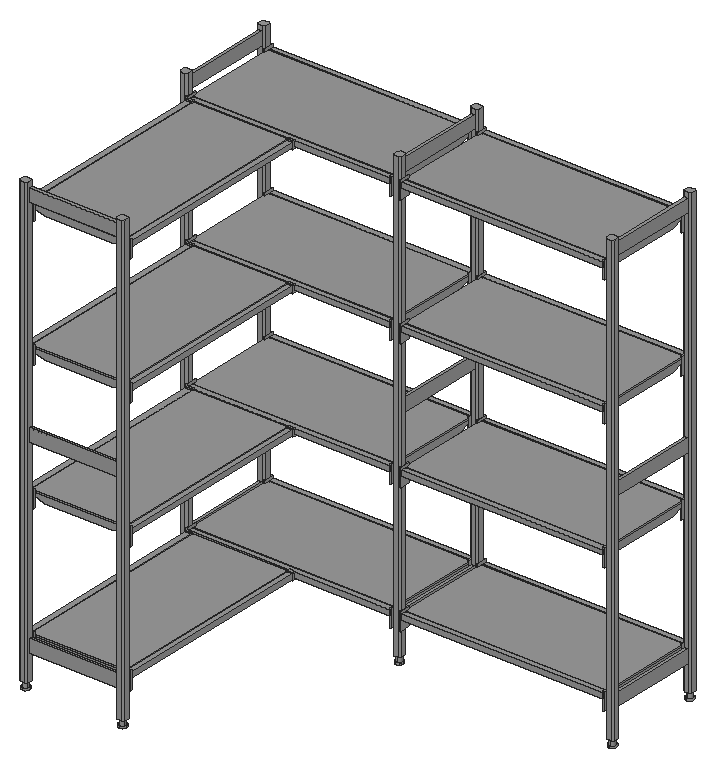
Revit family "QF_ELECTROLUXPROFESSIONAL_137090_CRS1612", category Attrezzature speciali, Revit 2020
Family settings
  Quota connettore circolare = Usa diametro
  Tipo di parte = Normale
  Basato su piano di lavoro = No
  Sempre verticale = Sì
  Taglio con vuoti quando caricato = No
  Condiviso = No
  Punto di calcolo locali = No
Parameters (values of type "Standard")
  Weight = 41.00 kg
  Watts = 0 W
  Volts = 0 V
  URL Manufacturer = "https://www.electroluxprofessional.com/"
  URL = "https://www.electroluxprofessional.com/"
  Steam Supply Size = 0 mm
  Steam Supply Minimum Pressure = 0.0 Pa
  Steam Supply Maximum Pressure = 0.0 Pa
  Steam Consumption per Hour = 0
  Refrigeration Suction Line Size = 0 mm
  Refrigeration Liquid Line Size = 0 mm
  Refrigerant Compressor Remote = yes
  Prospetto di default = 0 mm
  Produttore = "Electrolux Professional"
  Phase = 0
  Modello = "CRS1612"
  Length Actual = 708 mm  # constant formula
  Item Number = "137090"
  Hot Water Size = 0 mm
  Height Actual = 1550 mm  # constant formula
  HP = "0 HP"
  Gas Size = 0 mm
  Gas KW = 0
  Gas Input Pressure = 0 W
  Direct Waste Size = 0 mm
  Descrizione = "ALUM.SHELV.,POLY.TIERS-COLDROOM 163X123"
  Depth Actual = 373 mm  # constant formula
  Cycle = 0 Hz
  Condensate Return Size = 0 mm
  Compressed Air Volume = 0.0 L/s
  Compressed Air Size = 0 mm
  Compressed Air Pressure = 0.0 Pa
  Cold Water Size = 0 mm
  Accessory = yes
Reference planes
  plane 1 "Center (Front/Back)": y = 0
  plane 2: z = 0
  plane 3 "Center (Left/Right)": x = 0
  plane 4: x = -815
  plane 5: y = 615
  plane 6: y = -615
  plane 7: x = 815
  plane 8: x = -758
  plane 9: x = 758
  plane 10: y = 558.5
  plane 11: y = -558.5
Forms (mm)
  Extrusion 1, solid, material "QF_Clearances", detail levels coarse
    sketch origin (0, 0, 0) x (1, 0, 0) y (0, 1, 0)
      loop
        line (-815, -615) -> (815, -615) -> (815, 615) -> (-815, 615) -> (-815, -615)
      loop
        line (758, -558.5) -> (758, 558.5) -> (-758, 558.5) -> (-758, -558.5) -> (758, -558.5)
    from 0 to 1590
Lines and regions (mm)
  symbolic lines, style "QF_Clearances"
    curve 1: line (-815, 615, 0) -> (-815, -615, 0)
    curve 2: line (815, 615, 0) -> (-815, 615, 0)
    curve 3: line (815, -615, 0) -> (815, 615, 0)
Dimensions and locks
  equal spacing: plane 5, plane 1 "Center (Front/Back)", plane 6
  plane 5 to plane 6 = 1230 mm
  equal spacing: plane 4, plane 3 "Center (Left/Right)", plane 7
  plane 4 to plane 7 = 1630 mm
  plane 4 to plane 8 = 57 mm
  plane 8 to plane 9 = 1516 mm
  plane 11 to plane 6 = 56.5 mm
  plane 10 to plane 11 = 1117 mm
  aligned and locked: level to plane 2
  aligned and locked: plane 4 to Extrusion 1 sketch curve
  aligned and locked: Extrusion 1 sketch curve to plane 5
  aligned and locked: Extrusion 1 sketch curve to plane 7
  aligned and locked: Extrusion 1 sketch curve to plane 8
  aligned and locked: plane 10 to Extrusion 1 sketch curve
  aligned and locked: plane 9 to Extrusion 1 sketch curve
  aligned and locked: Extrusion 1 sketch curve to plane 11
  aligned and locked: Extrusion 1 sketch curve to plane 6
Automatic sketch dimensions
  curve 1 to plane 4 = 0 mm
  curve 2 to plane 5 = 0 mm
  curve 2 to plane 7 = 0 mm
  curve 1 to plane 6 = 0 mm
  curve 3 to plane 6 = 0 mm
Nested families
  nested 1: "QF_708" at (-341, 535.5, 0), type "QF_708"
  nested 2: "QF_708" at (403, 535.5, 0), type "QF_708"
  nested 3: "QF_708G" at (-506.5, -9, 0), type "QF_708G"
Definition of nested family "QF_708"
  Parameters
    Default Elevation = 0 mm
    Model = "137010"
    Manufacturer = "Electrolux Professional"
    Description = ""
  Reference planes
    plane 1: z = 0
    plane 2 "Center (Left/Right)": x = -31
    plane 3 "LEFT": x = -417
    plane 4 "RIGHT": x = 355
    plane 5 "BACK": y = 23
    plane 6 "FRONT": y = -350
    plane 7 "TOP": z = 1700
    plane 8: x = 350
    plane 9: x = -385
    plane 10: x = 323
    plane 11 "Center (Front/Back)": y = -163.5
    plane 12: x = 318
    plane 13: y = -8.5
    plane 14: y = -318.5
    plane 15 "FEET": z = 25
    plane 16: z = 140
    plane 17: z = 590
    plane 18: z = 1040
    plane 19: z = 1490
    plane 20 "CXLeft": x = -403
    plane 21 "CXRight": x = 341
    plane 22: y = 5.5
    plane 23 "CYBack": y = 5.5
    plane 24 "CYFront": y = -332.5
  Forms (mm)
    Extrusion 1, solid
      sketch origin (-417, 0, 0) x (0, 1, 0) y (0, 0, 1)
        loop
          line (4, 1515.994) -> (4, 1497.998) -> (23, 1497.998) -> (23, 1515.994) -> (4, 1515.994)
        loop
          line (-331, 1515.994) -> (-350, 1515.994) -> (-350, 1497.998) -> (-331, 1497.998) -> (-331, 1515.994)
        loop
          line (4, 1065.994) -> (4, 1047.998) -> (23, 1047.998) -> (23, 1065.994) -> (4, 1065.994)
        loop
          line (-331, 1065.994) -> (-350, 1065.994) -> (-350, 1047.998) -> (-331, 1047.998) -> (-331, 1065.994)
        loop
          line (4, 615.994) -> (4, 597.998) -> (23, 597.998) -> (23, 615.994) -> (4, 615.994)
        loop
          line (-331, 615.994) -> (-350, 615.994) -> (-350, 597.998) -> (-331, 597.998) -> (-331, 615.994)
        loop
          line (4, 165.994) -> (4, 147.998) -> (23, 147.998) -> (23, 165.994) -> (4, 165.994)
        loop
          line (-331, 165.994) -> (-350, 165.994) -> (-350, 147.998) -> (-331, 147.998) -> (-331, 165.994)
      from 32 to 740
    Extrusion 2, solid
      sketch origin (-417, 0, 135) x (0, 1, 0) y (0, 0, 1)
        loop
          line (2.007, 1380.994) -> (-329, 1380.994) -> (-329, 1374.496) -> (2.007, 1374.496) -> (2.007, 1380.994)
        loop
          line (2.007, 930.994) -> (-329, 930.994) -> (-329, 924.496) -> (2.007, 924.496) -> (2.007, 930.994)
        loop
          line (2.007, 480.994) -> (-329, 480.994) -> (-329, 474.496) -> (2.007, 474.496) -> (2.007, 480.994)
        loop
          line (2.007, 30.994) -> (-329, 30.994) -> (-329, 24.496) -> (2.007, 24.496) -> (2.007, 30.994)
      from 32 to 740
    Extrusion 3, solid
      sketch origin (355, 0, 135) x (0, 1, 0) y (0, 0, 1)
        loop
          line (-12, 1362.998) -> (4, 1362.998) -> (4, 1380.994) -> (2.007, 1380.994) -> (2.007, 1374.496) -> (-329, 1374.496) -> (-329, 1380.994) -> (-331, 1380.994) -> (-331, 1362.998) -> (-315, 1362.998) -> (-281, 1350.994) -> (-46, 1350.994) -> (-12, 1362.998)
        loop
          line (-12, 912.998) -> (4, 912.998) -> (4, 930.994) -> (2.007, 930.994) -> (2.007, 924.496) -> (-329, 924.496) -> (-329, 930.994) -> (-331, 930.994) -> (-331, 912.998) -> (-315, 912.998) -> (-281, 900.994) -> (-46, 900.994) -> (-12, 912.998)
        loop
          line (-12, 462.998) -> (4, 462.998) -> (4, 480.994) -> (2.007, 480.994) -> (2.007, 474.496) -> (-329, 474.496) -> (-329, 480.994) -> (-331, 480.994) -> (-331, 462.998) -> (-315, 462.998) -> (-281, 450.994) -> (-46, 450.994) -> (-12, 462.998)
        loop
          line (-12, 12.998) -> (4, 12.998) -> (4, 30.994) -> (2.007, 30.994) -> (2.007, 24.496) -> (-329, 24.496) -> (-329, 30.994) -> (-331, 30.994) -> (-331, 12.998) -> (-315, 12.998) -> (-281, 0.994) -> (-46, 0.994) -> (-12, 12.998)
      from -32 to -37
  Lines and regions (mm)
    symbolic lines
      curve 1: line (323, 4, 1700) -> (-385, 4, 1700)
      curve 2: line (-389, 23, 1700) -> (327, 23, 1700)
      curve 3: line (327, 13.246, 1700) -> (333.254, 19.5, 1700)
      curve 4: line (333.254, -8.5, 1700) -> (327, -2.246, 1700)
      curve 5: line (333.254, -318.5, 1700) -> (327, -324.754, 1700)
      curve 6: line (-389, -350, 1700) -> (327, -350, 1700)
      curve 7: line (327, 23, 1700) -> (327, -12.993, 1700)
      curve 8: line (327, -12.993, 1700) -> (323, -12.993, 1700)
      curve 9: line (327, -350, 1700) -> (327, -314.007, 1700)
      curve 10: line (327, -314.007, 1700) -> (323, -314.007, 1700)
      curve 11: line (-385, -12.993, 1700) -> (-385, -314.007, 1700)
      curve 12: line (-385, -331, 1700) -> (323, -331, 1700)
      curve 13: line (323, -12.993, 1700) -> (323, -314.007, 1700)
  Dimensions and locks
    locked: plane 3 "LEFT" to plane 4 "RIGHT" at 772
    equal spacing: plane 3 "LEFT", plane 2 "Center (Left/Right)", plane 4 "RIGHT"
    locked: plane 7 "TOP" to level at 1700
    locked: plane 5 "BACK" to plane 6 "FRONT" at 373
    locked: plane 4 "RIGHT" to plane 8 at 5
    locked: plane 9 to plane 10 at 708
    locked: plane 3 "LEFT" to plane 9 at 32
    plane 12 to plane 10 = 5 mm
    locked: plane 13 to plane 14 at 310
    equal spacing: plane 13, plane 11 "Center (Front/Back)", plane 14
    equal spacing: plane 5 "BACK", plane 11 "Center (Front/Back)", plane 6 "FRONT"
    plane 15 "FEET" to level = 25 mm
    plane 7 "TOP" to plane 15 "FEET" = 1675 mm
    plane 17 to plane 16 = 450 mm
    plane 18 to plane 17 = 450 mm
    plane 19 to plane 18 = 450 mm
    locked: plane 3 "LEFT" to plane 20 "CXLeft" at 14
    locked: plane 21 "CXRight" to plane 4 "RIGHT" at 14
    locked: plane 5 "BACK" to plane 23 "CYBack" at 17.5
    locked: plane 24 "CYFront" to plane 6 "FRONT" at 17.5
    plane 16 to level = 140 mm
    plane 17 to level = 590 mm
    plane 18 to level = 1040 mm
    plane 19 to level = 1490 mm
    aligned and locked: level to plane 1
    aligned and locked: plane 9 to Extrusion 2
    aligned and locked: Extrusion 2 to plane 10
    aligned and locked: plane 9 to Extrusion 1
    aligned and locked: Extrusion 1 to plane 10
    aligned and locked: Extrusion 1 sketch curve to Extrusion 1 sketch curve  (x2)
    aligned and locked: Extrusion 3 sketch curve to Extrusion 3 sketch curve  (x3)
    aligned and locked: Extrusion 3 to plane 12
    aligned and locked: Extrusion 3 to plane 10
    aligned and locked: plane 20 "CXLeft" to nested 1
    aligned and locked: plane 21 "CXRight" to nested 2
  Automatic sketch dimensions
    Extrusion 1 sketch curve to plane 6 "FRONT" = 0 mm  (x4)
    Extrusion 1 sketch curve to plane 5 "BACK" = 0 mm  (x4)
    plane 24 "CYFront" to Extrusion 1 sketch curve = 1.5 mm  (x2)
    plane 22 to Extrusion 1 sketch curve = 1.5 mm  (x4)
    plane 16 to Extrusion 1 sketch curve = 7.998 mm  (x2)
    Extrusion 1 sketch curve to Extrusion 1 sketch curve = 17.997 mm  (x8)
    plane 17 to Extrusion 1 sketch curve = 7.998 mm  (x2)
    plane 18 to Extrusion 1 sketch curve = 7.998 mm  (x2)
    plane 19 to Extrusion 1 sketch curve = 7.998 mm  (x2)
    plane 24 "CYFront" to Extrusion 2 sketch curve = 3.5 mm  (x4)
    plane 22 to Extrusion 2 sketch curve = 3.493 mm  (x4)
    plane 16 to Extrusion 2 sketch curve = 19.496 mm
    Extrusion 2 sketch curve to Extrusion 2 sketch curve = 6.499 mm  (x4)
    plane 17 to Extrusion 2 sketch curve = 19.496 mm
    plane 18 to Extrusion 2 sketch curve = 19.496 mm
    plane 19 to Extrusion 2 sketch curve = 19.496 mm
    plane 24 "CYFront" to Extrusion 3 sketch curve = 1.5 mm  (x4)
    Extrusion 3 sketch curve to Extrusion 3 sketch curve = 2 mm
    plane 14 to Extrusion 3 sketch curve = 3.5 mm  (x4)
    Extrusion 3 sketch curve to plane 16 = 4.006 mm
    Extrusion 3 sketch curve to Extrusion 3 sketch curve = 34 mm  (x4)
    Extrusion 3 sketch curve to plane 17 = 4.006 mm
    Extrusion 3 sketch curve to plane 18 = 4.006 mm
    Extrusion 3 sketch curve to plane 19 = 4.006 mm
    Extrusion 3 sketch curve to plane 13 = 37.5 mm  (x4)
    Extrusion 3 sketch curve to plane 13 = 3.5 mm  (x4)
    plane 22 to Extrusion 3 sketch curve = 3.493 mm  (x4)
    plane 22 to Extrusion 3 sketch curve = 1.5 mm  (x4)
    plane 16 to Extrusion 3 sketch curve = 7.998 mm  (x2)
    Extrusion 3 sketch curve to Extrusion 3 sketch curve = 11.498 mm  (x4)
    Extrusion 3 sketch curve to Extrusion 3 sketch curve = 6.499 mm  (x8)
    plane 17 to Extrusion 3 sketch curve = 7.998 mm  (x2)
    plane 18 to Extrusion 3 sketch curve = 7.998 mm  (x2)
    plane 19 to Extrusion 3 sketch curve = 7.998 mm  (x2)
    curve 6 to plane 6 "FRONT" = 0 mm
    curve 12 to plane 9 = 0 mm
    curve 12 to plane 10 = 0 mm
    curve 5 to plane 14 = 0 mm
    curve 11 to plane 9 = 0 mm
    curve 8 to plane 10 = 0 mm
    curve 4 to plane 13 = 0 mm
    curve 1 to plane 9 = 0 mm
    curve 1 to plane 10 = 0 mm
    curve 2 to plane 5 "BACK" = 0 mm
    plane 14 to curve 10 = 4.493 mm
    curve 7 to plane 13 = 4.493 mm
    curve 10 to plane 10 = 4 mm
    curve 7 to plane 10 = 4 mm
    plane 24 "CYFront" to curve 12 = 1.5 mm
    curve 5 to plane 14 = 6.254 mm
    plane 14 to curve 11 = 4.493 mm
    curve 11 to plane 13 = 4.493 mm
    plane 13 to curve 4 = 6.254 mm
    plane 22 to curve 1 = 1.5 mm
    curve 3 to plane 22 = 7.746 mm
    curve 3 to plane 5 "BACK" = 3.5 mm
    curve 5 to curve 9 = 6.254 mm
    curve 3 to curve 2 = 6.254 mm
    curve 4 to curve 7 = 6.254 mm
    plane 9 to curve 2 = 4 mm
    plane 9 to curve 6 = 4 mm
  Nested families
    nested 1: "WT_Anta373B" at (0, 0, 0), type "WT_Anta373B"
    nested 2: "WT_Anta373B" at (-62, 0, 0) x (-1, 0, 0) z (0, 0, 1), type "WT_Anta373B"
  Definition of nested family "WT_Anta373B"
    Parameters
      WidthLeft = A + 64 mm  # 772 mm
      Width = 1606 mm
      Right = WidthLeft / 2  # 386 mm
      Default Elevation = 0 mm
      Left = -WidthLeft / 2  # -386 mm
      Height = 1590 mm
      FEET = 25 mm
      E = 0 mm
      Dint = Depth - 63 mm  # 310 mm
      Dext = Depth - 8 mm  # 365 mm
      Depth = 373 mm
      DX = (WidthLeft - A) / 2  # 32 mm
      B = 798 mm
      A = 708 mm
    Reference planes
      plane 1: z = 0
      plane 2 "LEFT": x = -417
      plane 3 "BACK": y = 23
      plane 4 "FRONT": y = -350
      plane 5 "TOP": z = 1590
      plane 6 "Center (Front/Back)": y = -163.5
      plane 7: y = -8.5
      plane 8: y = -318.5
      plane 9 "FEET": z = 25
      plane 10: z = 140
      plane 11: z = 590
      plane 12: z = 1040
      plane 13: z = 1490
      plane 14 "CXLeft": x = -403
      plane 15: y = 5.5
      plane 16 "CYBack": y = 5.5
      plane 17 "CYFront": y = -332.5
      plane 18: x = -385.031
      plane 19: x = -380.031
    Forms (mm)
      Extrusion 1, solid
        sketch origin (0, 0, 0) x (1, 0, 0) y (0, 1, 0)
          loop
            line (-417, 13.246) -> (-417, -2.246) -> (-410.746, -8.5) -> (-395.254, -8.5) -> (-389, -2.246) -> (-389, 13.246) -> (-395.254, 19.5) -> (-410.746, 19.5) -> (-417, 13.246)
        from 1590 to 25
      Extrusion 2, solid
        sketch origin (-417, 0, 0) x (0, 1, 0) y (0, 0, 1)
          loop
            line (23, 111.005) -> (23, 172.993) -> (-12.993, 172.993) -> (-12.993, 111.005) -> (23, 111.005)
          loop
            line (-350, 111.005) -> (-314.007, 111.005) -> (-314.007, 172.993) -> (-350, 172.993) -> (-350, 111.005)
          loop
            line (23, 561.005) -> (23, 622.993) -> (-12.993, 622.993) -> (-12.993, 561.005) -> (23, 561.005)
          loop
            line (-350, 561.005) -> (-314.007, 561.005) -> (-314.007, 622.993) -> (-350, 622.993) -> (-350, 561.005)
          loop
            line (23, 1011.005) -> (23, 1072.993) -> (-12.993, 1072.993) -> (-12.993, 1011.005) -> (23, 1011.005)
          loop
            line (-350, 1011.005) -> (-314.007, 1011.005) -> (-314.007, 1072.993) -> (-350, 1072.993) -> (-350, 1011.005)
          loop
            line (23, 1461.005) -> (23, 1522.993) -> (-12.993, 1522.993) -> (-12.993, 1461.005) -> (23, 1461.005)
          loop
            line (-350, 1461.005) -> (-314.007, 1461.005) -> (-314.007, 1522.993) -> (-350, 1522.993) -> (-350, 1461.005)
        from 28 to 32
      Revolve 3, solid
        sketch origin (-403, 0, 0) x (0, 1, 0) y (0, 0, 1)
          loop
            line (5.5, 25) -> (5.5, 0) -> (19, 0) -> (19, 5) -> (14, 5) -> (14, 25) -> (5.5, 25)
          axis (5.5, 25) -> (5.5, 0)
        angle from 0 to 360
      Extrusion 4, solid
        sketch origin (-403, 0, 0) x (0, 1, 0) y (0, 0, 1)
          loop
            line (-8.5, 777.382) -> (-8.5, 822.374) -> (-318.5, 822.374) -> (-318.5, 777.382) -> (-8.5, 777.382)
          loop
            line (-8.5, 1527.244) -> (-8.5, 1572.236) -> (-318.5, 1572.236) -> (-318.5, 1527.244) -> (-8.5, 1527.244)
        from -5 to 5
      Revolve 5, solid
        sketch origin (-403, -627, 0) x (0, -1, 0) y (0, 0, 1)
          loop
            line (-294.5, 25) -> (-294.5, 0) -> (-281, 0) -> (-281, 5) -> (-286, 5) -> (-286, 25) -> (-294.5, 25)
          axis (-294.5, 25) -> (-294.5, 0)
        angle from 0 to 360
      Extrusion 6, solid
        sketch origin (0, -627, 0) x (1, 0, 0) y (0, 1, 0)
          loop
            line (-417, 286.754) -> (-410.746, 280.5) -> (-395.254, 280.5) -> (-389, 286.754) -> (-389, 302.246) -> (-395.254, 308.5) -> (-410.746, 308.5) -> (-417, 302.246) -> (-417, 286.754)
        from 1590 to 25
      Extrusion 7, solid
        sketch origin (-417.031, -0.022, 0) x (0, 1, 0) y (0, 0, -1)
          loop
            line (-12, -1497.998) -> (-46, -1485.994) -> (-281, -1485.994) -> (-315, -1497.998) -> (-331, -1497.998) -> (-331, -1515.994) -> (-329, -1515.994) -> (-329, -1509.496) -> (2.007, -1509.496) -> (2.007, -1515.994) -> (4, -1515.994) -> (4, -1497.998) -> (-12, -1497.998)
          loop
            line (-12, -1047.998) -> (-46, -1035.994) -> (-281, -1035.994) -> (-315, -1047.998) -> (-331, -1047.998) -> (-331, -1065.994) -> (-329, -1065.994) -> (-329, -1059.496) -> (2.007, -1059.496) -> (2.007, -1065.994) -> (4, -1065.994) -> (4, -1047.998) -> (-12, -1047.998)
          loop
            line (-12, -597.998) -> (-46, -585.994) -> (-281, -585.994) -> (-315, -597.998) -> (-331, -597.998) -> (-331, -615.994) -> (-329, -615.994) -> (-329, -609.496) -> (2.007, -609.496) -> (2.007, -615.994) -> (4, -615.994) -> (4, -597.998) -> (-12, -597.998)
          loop
            line (-12, -147.998) -> (-46, -135.994) -> (-281, -135.994) -> (-315, -147.998) -> (-331, -147.998) -> (-331, -165.994) -> (-329, -165.994) -> (-329, -159.496) -> (2.007, -159.496) -> (2.007, -165.994) -> (4, -165.994) -> (4, -147.998) -> (-12, -147.998)
        from -32 to -37
      Extrusion 8, solid
        sketch origin (-403, 0, -659.878) x (0, 1, 0) y (0, 0, 1)
          loop
            line (-8.5, 777.382) -> (-8.5, 822.374) -> (-318.5, 822.374) -> (-318.5, 777.382) -> (-8.5, 777.382)
          loop
            line (-8.5, 1437.382) -> (-8.5, 1482.374) -> (-318.5, 1482.374) -> (-318.5, 1437.382) -> (-8.5, 1437.382)
          loop
            line (-8.5, 2187.382) -> (-8.5, 2232.374) -> (-318.5, 2232.374) -> (-318.5, 2187.382) -> (-8.5, 2187.382)
        from -5 to 5
    Lines and regions (mm)
      symbolic lines
        curve 1: line (-408, -8.5, 1590) -> (-408, -318.5, 1590)
        curve 2: line (-398, -318.5, 1590) -> (-398, -8.5, 1590)
        curve 3: line (-395.254, -8.5, 1590) -> (-410.746, -8.5, 1590)
        curve 4: line (-417, -2.246, 1590) -> (-410.746, -8.5, 1590)
        curve 5: line (-417, 13.246, 1590) -> (-417, -2.246, 1590)
        curve 6: line (-410.746, 19.5, 1590) -> (-417, 13.246, 1590)
        curve 7: line (-395.254, 19.5, 1590) -> (-410.746, 19.5, 1590)
        curve 8: line (-389, 13.246, 1590) -> (-395.254, 19.5, 1590)
        curve 9: line (-395.254, -8.5, 1590) -> (-389, -2.246, 1590)
        curve 10: line (-395.254, -318.5, 1590) -> (-410.746, -318.5, 1590)
        curve 11: line (-417, -324.754, 1590) -> (-410.746, -318.5, 1590)
        curve 12: line (-410.746, -346.5, 1590) -> (-417, -340.246, 1590)
        curve 13: line (-395.254, -346.5, 1590) -> (-410.746, -346.5, 1590)
        curve 14: line (-389, -340.246, 1590) -> (-395.254, -346.5, 1590)
        curve 15: line (-395.254, -318.5, 1590) -> (-389, -324.754, 1590)
        curve 16: line (-389, -350, 1590) -> (-389, -314.007, 1590)
        curve 17: line (-389, -314.007, 1590) -> (-385, -314.007, 1590)
        curve 18: line (-389, 23, 1590) -> (-389, -12.993, 1590)
        curve 19: line (-389, -12.993, 1590) -> (-385, -12.993, 1590)
        curve 20: line (-417, -324.754, 1590) -> (-417, -340.246, 1590)
        curve 21: line (-385, -350, 1590) -> (-385, -314.007, 1590)
        curve 22: line (-385, -350, 1590) -> (-389, -350, 1590)
        curve 23: line (-385, 23, 1590) -> (-389, 23, 1590)
        curve 24: line (-385, -12.993, 1590) -> (-385, 23, 1590)
        curve 25: line (-385.031, -13.016, 1725) -> (-385.031, -314.029, 1725)
    Dimensions and locks
      "Depth": plane 3 "BACK" to plane 4 "FRONT"
      "Dint": plane 7 to plane 8
      equal spacing: plane 7, plane 6 "Center (Front/Back)", plane 8
      equal spacing: plane 3 "BACK", plane 6 "Center (Front/Back)", plane 4 "FRONT"
      plane 9 "FEET" to level = 25 mm
      plane 10 to plane 9 "FEET" = 115 mm
      plane 11 to plane 10 = 450 mm
      plane 12 to plane 11 = 450 mm
      plane 13 to plane 12 = 450 mm
      locked: plane 2 "LEFT" to plane 14 "CXLeft" at 14
      locked: plane 3 "BACK" to plane 16 "CYBack" at 17.5
      locked: plane 17 "CYFront" to plane 4 "FRONT" at 17.5
      locked: Revolve 3 sketch curve to Revolve 3 sketch curve at 8.5
      locked: Revolve 3 sketch curve to plane 16 "CYBack" at 13.5
      locked: Revolve 5 sketch curve to Revolve 5 sketch curve at 8.5
      plane 10 to level = 140 mm
      plane 11 to level = 590 mm
      plane 12 to level = 1040 mm
      plane 13 to level = 1490 mm
      "Height": plane 5 "TOP" to level
      aligned and locked: level to plane 1
      aligned and locked: curve 20 to Extrusion 6
      aligned and locked: plane 5 "TOP" to Extrusion 1
      aligned and locked: plane 5 "TOP" to Extrusion 6
      aligned and locked: Extrusion 7 sketch curve to Extrusion 7 sketch curve  (x3)
    Automatic sketch dimensions
      curve 16 to plane 4 "FRONT" = 0 mm
      curve 11 to plane 8 = 0 mm
      curve 9 to plane 7 = 0 mm
      curve 5 to plane 2 "LEFT" = 0 mm
      curve 23 to plane 3 "BACK" = 0 mm
      plane 4 "FRONT" to curve 13 = 3.5 mm
      curve 20 to plane 17 "CYFront" = 7.746 mm
      curve 20 to plane 8 = 6.254 mm
      plane 8 to curve 16 = 4.493 mm
      curve 24 to plane 18 = 0.031 mm
      curve 24 to plane 7 = 4.493 mm
      plane 7 to curve 5 = 6.254 mm
      curve 5 to plane 15 = 7.746 mm
      curve 6 to plane 3 "BACK" = 3.5 mm
      curve 21 to plane 18 = 0.031 mm
      plane 18 to curve 23 = 3.969 mm
      plane 18 to curve 16 = 3.969 mm
      curve 18 to curve 8 = 6.254 mm
      curve 18 to curve 3 = 6.254 mm
      curve 16 to curve 13 = 6.254 mm
      curve 16 to curve 15 = 6.254 mm
      plane 2 "LEFT" to curve 10 = 6.254 mm
      plane 2 "LEFT" to curve 7 = 6.254 mm
      plane 2 "LEFT" to curve 12 = 6.254 mm
      plane 2 "LEFT" to curve 3 = 6.254 mm
      curve 14 to plane 17 "CYFront" = 7.746 mm
      curve 15 to plane 8 = 6.254 mm
      plane 7 to curve 9 = 6.254 mm
      curve 8 to plane 15 = 7.746 mm
      curve 3 to curve 2 = 2.746 mm
      curve 1 to curve 10 = 2.746 mm
      Extrusion 1 sketch curve to plane 2 "LEFT" = 0 mm
      Extrusion 1 sketch curve to plane 7 = 0 mm
      plane 2 "LEFT" to Extrusion 1 sketch curve = 6.254 mm  (x2)
      plane 14 "CXLeft" to Extrusion 1 sketch curve = 7.746 mm  (x2)
      Extrusion 1 sketch curve to plane 3 "BACK" = 3.5 mm
      plane 18 to Extrusion 1 sketch curve = 3.969 mm
      plane 7 to Extrusion 1 sketch curve = 6.254 mm  (x2)
      Extrusion 1 sketch curve to plane 15 = 7.746 mm  (x2)
      Extrusion 2 sketch curve to plane 4 "FRONT" = 0 mm  (x4)
      Extrusion 2 sketch curve to plane 3 "BACK" = 0 mm  (x4)
      plane 8 to Extrusion 2 sketch curve = 4.493 mm  (x4)
      Extrusion 2 sketch curve to plane 7 = 4.493 mm  (x4)
      Extrusion 2 sketch curve to plane 10 = 28.995 mm  (x2)
      plane 10 to Extrusion 2 sketch curve = 32.993 mm  (x2)
      Extrusion 2 sketch curve to plane 11 = 28.995 mm  (x2)
      plane 11 to Extrusion 2 sketch curve = 32.993 mm  (x2)
      Extrusion 2 sketch curve to plane 12 = 28.995 mm  (x2)
      plane 12 to Extrusion 2 sketch curve = 32.993 mm  (x2)
      Extrusion 2 sketch curve to plane 13 = 28.995 mm  (x2)
      plane 13 to Extrusion 2 sketch curve = 32.993 mm  (x2)
      Revolve 3 sketch curve to plane 9 "FEET" = 0 mm  (x2)
      Revolve 3 sketch curve to plane 15 = 0 mm  (x2)
      Revolve 3 sketch curve to level = 0 mm
      level to Revolve 3 sketch curve = 5 mm
      Revolve 3 sketch curve to Revolve 3 sketch curve = 11.655 mm
      Extrusion 4 sketch curve to plane 8 = 0 mm  (x2)
      Extrusion 4 sketch curve to plane 7 = 0 mm  (x2)
      plane 11 to Extrusion 4 sketch curve = 187.382 mm
      Extrusion 4 sketch curve to Extrusion 4 sketch curve = 44.992 mm
      plane 13 to Extrusion 4 sketch curve = 37.244 mm
      Extrusion 4 sketch curve to plane 5 "TOP" = 17.764 mm
      Revolve 5 sketch curve to plane 9 "FEET" = 0 mm  (x2)
      Revolve 5 sketch curve to plane 17 "CYFront" = 0 mm  (x2)
      Revolve 5 sketch curve to level = 0 mm
      Revolve 5 sketch curve to plane 4 "FRONT" = 4 mm
      Revolve 5 sketch curve to Revolve 5 sketch curve = 5 mm
      level to Revolve 5 sketch curve = 11.655 mm
      Extrusion 6 sketch curve to plane 2 "LEFT" = 0 mm
      Extrusion 6 sketch curve to plane 8 = 0 mm
      Extrusion 6 sketch curve to plane 2 "LEFT" = 6.254 mm  (x2)
      Extrusion 6 sketch curve to plane 14 "CXLeft" = 7.746 mm  (x2)
      Extrusion 6 sketch curve to plane 4 "FRONT" = 3.5 mm
      Extrusion 6 sketch curve to plane 18 = 3.969 mm
      plane 8 to Extrusion 6 sketch curve = 6.254 mm  (x2)
      plane 17 "CYFront" to Extrusion 6 sketch curve = 7.746 mm  (x2)
      plane 17 "CYFront" to Extrusion 7 sketch curve = 1.478 mm  (x4)
      Extrusion 7 sketch curve to Extrusion 7 sketch curve = 2 mm
      plane 8 to Extrusion 7 sketch curve = 3.478 mm  (x4)
      Extrusion 7 sketch curve to plane 10 = 4.006 mm
      Extrusion 7 sketch curve to Extrusion 7 sketch curve = 34 mm  (x4)
      Extrusion 7 sketch curve to plane 11 = 4.006 mm
      Extrusion 7 sketch curve to plane 12 = 4.006 mm
      Extrusion 7 sketch curve to plane 13 = 4.006 mm
      Extrusion 7 sketch curve to plane 7 = 37.522 mm  (x4)
      Extrusion 7 sketch curve to plane 7 = 3.522 mm  (x4)
      plane 15 to Extrusion 7 sketch curve = 3.516 mm  (x4)
      plane 15 to Extrusion 7 sketch curve = 1.522 mm  (x4)
      plane 13 to Extrusion 7 sketch curve = 7.998 mm  (x2)
      Extrusion 7 sketch curve to Extrusion 7 sketch curve = 11.498 mm
      Extrusion 7 sketch curve to Extrusion 7 sketch curve = 6.499 mm  (x5)
      plane 12 to Extrusion 7 sketch curve = 25.994 mm  (x2)
      plane 12 to Extrusion 7 sketch curve = 7.998 mm  (x2)
      plane 11 to Extrusion 7 sketch curve = 25.994 mm  (x2)
      plane 11 to Extrusion 7 sketch curve = 7.998 mm  (x2)
      plane 10 to Extrusion 7 sketch curve = 25.994 mm  (x2)
      plane 10 to Extrusion 7 sketch curve = 7.998 mm  (x2)
      curve 25 to plane 18 = 0 mm
      plane 8 to curve 25 = 4.471 mm
      curve 25 to plane 7 = 4.516 mm
      Extrusion 8 sketch curve to plane 8 = 0 mm  (x3)
      Extrusion 8 sketch curve to plane 7 = 0 mm  (x3)
      Extrusion 8 sketch curve to plane 10 = 22.496 mm
      plane 10 to Extrusion 8 sketch curve = 22.496 mm
      plane 11 to Extrusion 8 sketch curve = 187.504 mm
      Extrusion 8 sketch curve to Extrusion 8 sketch curve = 44.992 mm
      plane 13 to Extrusion 8 sketch curve = 37.504 mm
      Extrusion 8 sketch curve to plane 5 "TOP" = 17.504 mm
Definition of nested family "QF_708G"
  Parameters
    Default Elevation = 0 mm
    Model = "137030"
    Manufacturer = "Electrolux Professional"
    Description = ""
  Reference planes
    plane 1: z = 0
    plane 2 "Center (F/B)": y = -163.5
    plane 3 "Front": y = -549.5
    plane 4 "Left": x = -217.5
    plane 5 "Right": x = 155.5
    plane 6 "TOP": z = 1700
    plane 7: y = -517.5
    plane 8: y = 190.5
    plane 9 "Center (Left/Right)": x = -31
    plane 10: y = 185.5
    plane 11: x = -186
    plane 12: x = 124
    plane 13 "FEET": z = 25
    plane 14: z = 140
    plane 15: z = 590
    plane 16: z = 1040
    plane 17: z = 1490
    plane 18 "CXLeft": y = -535.5
    plane 19: x = -200
    plane 20 "CYBack": x = -200
    plane 21 "CYFront": x = 138
    plane 22 "Back": y = 194.5
    plane 23 "LEFT_ORIGIN": x = -251.5
    plane 24 "BACK_Origin": y = 567.5
  Forms (mm)
    Extrusion 1, solid
      sketch origin (0, -549.5, 0) x (-1, 0, 0) y (0, 0, 1)
        loop
          line (198.5, 1515.994) -> (198.5, 1497.998) -> (217.5, 1497.998) -> (217.5, 1515.994) -> (198.5, 1515.994)
        loop
          line (-136.5, 1515.994) -> (-155.5, 1515.994) -> (-155.5, 1497.998) -> (-136.5, 1497.998) -> (-136.5, 1515.994)
        loop
          line (198.5, 1065.994) -> (198.5, 1047.998) -> (217.5, 1047.998) -> (217.5, 1065.994) -> (198.5, 1065.994)
        loop
          line (-136.5, 1065.994) -> (-155.5, 1065.994) -> (-155.5, 1047.998) -> (-136.5, 1047.998) -> (-136.5, 1065.994)
        loop
          line (198.5, 615.994) -> (198.5, 597.998) -> (217.5, 597.998) -> (217.5, 615.994) -> (198.5, 615.994)
        loop
          line (-136.5, 615.994) -> (-155.5, 615.994) -> (-155.5, 597.998) -> (-136.5, 597.998) -> (-136.5, 615.994)
        loop
          line (198.5, 165.994) -> (198.5, 147.998) -> (217.5, 147.998) -> (217.5, 165.994) -> (198.5, 165.994)
        loop
          line (-136.5, 165.994) -> (-155.5, 165.994) -> (-155.5, 147.998) -> (-136.5, 147.998) -> (-136.5, 165.994)
      from 32 to 740
    Extrusion 2, solid
      sketch origin (0, -549.5, 0) x (-1, 0, 0) y (0, 0, 1)
        loop
          line (196.507, 1515.994) -> (-134.5, 1515.994) -> (-134.5, 1509.496) -> (196.507, 1509.496) -> (196.507, 1515.994)
        loop
          line (196.507, 1065.994) -> (-134.5, 1065.994) -> (-134.5, 1059.496) -> (196.507, 1059.496) -> (196.507, 1065.994)
        loop
          line (196.507, 615.994) -> (-134.5, 615.994) -> (-134.5, 609.496) -> (196.507, 609.496) -> (196.507, 615.994)
        loop
          line (196.507, 165.994) -> (-134.5, 165.994) -> (-134.5, 159.496) -> (196.507, 159.496) -> (196.507, 165.994)
      from 32 to 740
  Lines and regions (mm)
    symbolic lines
      curve 1: line (-198.5, 190.5, 1700) -> (-198.5, -517.5, 1700)
      curve 2: line (-217.5, -521.5, 1700) -> (-217.5, 190.5, 1700)
      curve 3: line (155.5, -521.5, 1700) -> (155.5, 190.5, 1700)
      curve 4: line (-181.507, -517.5, 1700) -> (119.507, -517.5, 1700)
      curve 5: line (136.5, -517.5, 1700) -> (136.5, 190.5, 1700)
      curve 6: line (-198.5, 190.5, 1700) -> (136.5, 190.5, 1700)
  Dimensions and locks
    plane 3 "Front" to plane 2 "Center (F/B)" = 386 mm
    locked: plane 4 "Left" to plane 5 "Right" at 373
    locked: plane 7 to plane 8 at 708
    locked: plane 3 "Front" to plane 7 at 32
    plane 10 to plane 8 = 5 mm
    locked: plane 11 to plane 12 at 310
    equal spacing: plane 11, plane 9 "Center (Left/Right)", plane 12
    equal spacing: plane 4 "Left", plane 9 "Center (Left/Right)", plane 5 "Right"
    locked: plane 3 "Front" to plane 18 "CXLeft" at 14
    locked: plane 3 "Front" to plane 22 "Back" at 744
    plane 23 "LEFT_ORIGIN" to plane 5 "Right" = 407 mm
    locked: plane 22 "Back" to plane 24 "BACK_Origin" at 373
    plane 14 to level = 140 mm
    plane 15 to level = 590 mm
    plane 16 to level = 1040 mm
    locked: plane 6 "TOP" to level at 1700
    plane 17 to level = 1490 mm
    plane 13 "FEET" to level = 25 mm
    aligned and locked: level to plane 1
    aligned and locked: Extrusion 2 to plane 7
    aligned and locked: plane 8 to Extrusion 2
    aligned and locked: Extrusion 1 to plane 7
    aligned and locked: plane 8 to Extrusion 1
    aligned and locked: Extrusion 1 sketch curve to Extrusion 1 sketch curve  (x2)
    aligned and locked: nested 1 to plane 18 "CXLeft"
    aligned and locked: nested 2 to plane 10
  Automatic sketch dimensions
    curve 2 to plane 4 "Left" = 0 mm
    curve 3 to plane 5 "Right" = 0 mm
    plane 7 to curve 1 = 0 mm
    plane 7 to curve 4 = 0 mm
    plane 7 to curve 5 = 0 mm
    plane 8 to curve 2 = 0 mm
    plane 8 to curve 1 = 0 mm
    plane 8 to curve 3 = 0 mm
    plane 21 "CYFront" to curve 5 = 1.5 mm
    plane 19 to curve 6 = 1.5 mm
    plane 7 to curve 3 = 4 mm
    plane 7 to curve 2 = 4 mm
    plane 12 to curve 4 = 4.493 mm
    curve 4 to plane 11 = 4.493 mm
    plane 5 "Right" to Extrusion 1 sketch curve = 0 mm  (x4)
    plane 4 "Left" to Extrusion 1 sketch curve = 0 mm  (x4)
    plane 21 "CYFront" to Extrusion 1 sketch curve = 1.5 mm  (x2)
    plane 19 to Extrusion 1 sketch curve = 1.5 mm  (x4)
    plane 14 to Extrusion 1 sketch curve = 7.998 mm  (x2)
    Extrusion 1 sketch curve to Extrusion 1 sketch curve = 17.997 mm  (x8)
    plane 15 to Extrusion 1 sketch curve = 7.998 mm  (x2)
    plane 16 to Extrusion 1 sketch curve = 7.998 mm  (x2)
    plane 17 to Extrusion 1 sketch curve = 7.998 mm  (x2)
    plane 21 "CYFront" to Extrusion 2 sketch curve = 3.5 mm  (x4)
    plane 19 to Extrusion 2 sketch curve = 3.493 mm  (x4)
    plane 14 to Extrusion 2 sketch curve = 19.496 mm
    Extrusion 2 sketch curve to Extrusion 2 sketch curve = 6.499 mm  (x4)
    plane 15 to Extrusion 2 sketch curve = 19.496 mm
    plane 16 to Extrusion 2 sketch curve = 19.496 mm
    plane 17 to Extrusion 2 sketch curve = 19.496 mm
  Nested families
    nested 1: "WT_Anta373B" at (-194.5, -132.5, 0) x (0, 1, 0) z (0, 0, 1), type "WT_Anta373B"
    nested 2: "WT_Aggancio373B" at (-194.5, 602.5, 0) x (0, 1, 0) z (0, 0, 1), type "WT_Aggancio373B"
  Definition of nested family "WT_Anta373B"
    Parameters
      WidthLeft = A + 64 mm  # 772 mm
      Width = 1606 mm
      Right = WidthLeft / 2  # 386 mm
      Default Elevation = 0 mm
      Left = -WidthLeft / 2  # -386 mm
      Height = 1590 mm
      FEET = 25 mm
      E = 0 mm
      Dint = Depth - 63 mm  # 310 mm
      Dext = Depth - 8 mm  # 365 mm
      Depth = 373 mm
      DX = (WidthLeft - A) / 2  # 32 mm
      B = 798 mm
      A = 708 mm
    Reference planes
      plane 1: z = 0
      plane 2 "LEFT": x = -417
      plane 3 "BACK": y = 23
      plane 4 "FRONT": y = -350
      plane 5 "TOP": z = 1590
      plane 6 "Center (Front/Back)": y = -163.5
      plane 7: y = -8.5
      plane 8: y = -318.5
      plane 9 "FEET": z = 25
      plane 10: z = 140
      plane 11: z = 590
      plane 12: z = 1040
      plane 13: z = 1490
      plane 14 "CXLeft": x = -403
      plane 15: y = 5.5
      plane 16 "CYBack": y = 5.5
      plane 17 "CYFront": y = -332.5
      plane 18: x = -385.031
      plane 19: x = -380.031
    Forms (mm)
      Extrusion 1, solid
        sketch origin (0, 0, 0) x (1, 0, 0) y (0, 1, 0)
          loop
            line (-417, 13.246) -> (-417, -2.246) -> (-410.746, -8.5) -> (-395.254, -8.5) -> (-389, -2.246) -> (-389, 13.246) -> (-395.254, 19.5) -> (-410.746, 19.5) -> (-417, 13.246)
        from 1590 to 25
      Extrusion 2, solid
        sketch origin (-417, 0, 0) x (0, 1, 0) y (0, 0, 1)
          loop
            line (23, 111.005) -> (23, 172.993) -> (-12.993, 172.993) -> (-12.993, 111.005) -> (23, 111.005)
          loop
            line (-350, 111.005) -> (-314.007, 111.005) -> (-314.007, 172.993) -> (-350, 172.993) -> (-350, 111.005)
          loop
            line (23, 561.005) -> (23, 622.993) -> (-12.993, 622.993) -> (-12.993, 561.005) -> (23, 561.005)
          loop
            line (-350, 561.005) -> (-314.007, 561.005) -> (-314.007, 622.993) -> (-350, 622.993) -> (-350, 561.005)
          loop
            line (23, 1011.005) -> (23, 1072.993) -> (-12.993, 1072.993) -> (-12.993, 1011.005) -> (23, 1011.005)
          loop
            line (-350, 1011.005) -> (-314.007, 1011.005) -> (-314.007, 1072.993) -> (-350, 1072.993) -> (-350, 1011.005)
          loop
            line (23, 1461.005) -> (23, 1522.993) -> (-12.993, 1522.993) -> (-12.993, 1461.005) -> (23, 1461.005)
          loop
            line (-350, 1461.005) -> (-314.007, 1461.005) -> (-314.007, 1522.993) -> (-350, 1522.993) -> (-350, 1461.005)
        from 28 to 32
      Revolve 3, solid
        sketch origin (-403, 0, 0) x (0, 1, 0) y (0, 0, 1)
          loop
            line (5.5, 25) -> (5.5, 0) -> (19, 0) -> (19, 5) -> (14, 5) -> (14, 25) -> (5.5, 25)
          axis (5.5, 25) -> (5.5, 0)
        angle from 0 to 360
      Extrusion 4, solid
        sketch origin (-403, 0, 0) x (0, 1, 0) y (0, 0, 1)
          loop
            line (-8.5, 777.382) -> (-8.5, 822.374) -> (-318.5, 822.374) -> (-318.5, 777.382) -> (-8.5, 777.382)
          loop
            line (-8.5, 1527.244) -> (-8.5, 1572.236) -> (-318.5, 1572.236) -> (-318.5, 1527.244) -> (-8.5, 1527.244)
        from -5 to 5
      Revolve 5, solid
        sketch origin (-403, -627, 0) x (0, -1, 0) y (0, 0, 1)
          loop
            line (-294.5, 25) -> (-294.5, 0) -> (-281, 0) -> (-281, 5) -> (-286, 5) -> (-286, 25) -> (-294.5, 25)
          axis (-294.5, 25) -> (-294.5, 0)
        angle from 0 to 360
      Extrusion 6, solid
        sketch origin (0, -627, 0) x (1, 0, 0) y (0, 1, 0)
          loop
            line (-417, 286.754) -> (-410.746, 280.5) -> (-395.254, 280.5) -> (-389, 286.754) -> (-389, 302.246) -> (-395.254, 308.5) -> (-410.746, 308.5) -> (-417, 302.246) -> (-417, 286.754)
        from 1590 to 25
      Extrusion 7, solid
        sketch origin (-417.031, -0.022, 0) x (0, 1, 0) y (0, 0, -1)
          loop
            line (-12, -1497.998) -> (-46, -1485.994) -> (-281, -1485.994) -> (-315, -1497.998) -> (-331, -1497.998) -> (-331, -1515.994) -> (-329, -1515.994) -> (-329, -1509.496) -> (2.007, -1509.496) -> (2.007, -1515.994) -> (4, -1515.994) -> (4, -1497.998) -> (-12, -1497.998)
          loop
            line (-12, -1047.998) -> (-46, -1035.994) -> (-281, -1035.994) -> (-315, -1047.998) -> (-331, -1047.998) -> (-331, -1065.994) -> (-329, -1065.994) -> (-329, -1059.496) -> (2.007, -1059.496) -> (2.007, -1065.994) -> (4, -1065.994) -> (4, -1047.998) -> (-12, -1047.998)
          loop
            line (-12, -597.998) -> (-46, -585.994) -> (-281, -585.994) -> (-315, -597.998) -> (-331, -597.998) -> (-331, -615.994) -> (-329, -615.994) -> (-329, -609.496) -> (2.007, -609.496) -> (2.007, -615.994) -> (4, -615.994) -> (4, -597.998) -> (-12, -597.998)
          loop
            line (-12, -147.998) -> (-46, -135.994) -> (-281, -135.994) -> (-315, -147.998) -> (-331, -147.998) -> (-331, -165.994) -> (-329, -165.994) -> (-329, -159.496) -> (2.007, -159.496) -> (2.007, -165.994) -> (4, -165.994) -> (4, -147.998) -> (-12, -147.998)
        from -32 to -37
      Extrusion 8, solid
        sketch origin (-403, 0, -659.878) x (0, 1, 0) y (0, 0, 1)
          loop
            line (-8.5, 777.382) -> (-8.5, 822.374) -> (-318.5, 822.374) -> (-318.5, 777.382) -> (-8.5, 777.382)
          loop
            line (-8.5, 1437.382) -> (-8.5, 1482.374) -> (-318.5, 1482.374) -> (-318.5, 1437.382) -> (-8.5, 1437.382)
          loop
            line (-8.5, 2187.382) -> (-8.5, 2232.374) -> (-318.5, 2232.374) -> (-318.5, 2187.382) -> (-8.5, 2187.382)
        from -5 to 5
    Lines and regions (mm)
      symbolic lines
        curve 1: line (-408, -8.5, 1590) -> (-408, -318.5, 1590)
        curve 2: line (-398, -318.5, 1590) -> (-398, -8.5, 1590)
        curve 3: line (-395.254, -8.5, 1590) -> (-410.746, -8.5, 1590)
        curve 4: line (-417, -2.246, 1590) -> (-410.746, -8.5, 1590)
        curve 5: line (-417, 13.246, 1590) -> (-417, -2.246, 1590)
        curve 6: line (-410.746, 19.5, 1590) -> (-417, 13.246, 1590)
        curve 7: line (-395.254, 19.5, 1590) -> (-410.746, 19.5, 1590)
        curve 8: line (-389, 13.246, 1590) -> (-395.254, 19.5, 1590)
        curve 9: line (-395.254, -8.5, 1590) -> (-389, -2.246, 1590)
        curve 10: line (-395.254, -318.5, 1590) -> (-410.746, -318.5, 1590)
        curve 11: line (-417, -324.754, 1590) -> (-410.746, -318.5, 1590)
        curve 12: line (-410.746, -346.5, 1590) -> (-417, -340.246, 1590)
        curve 13: line (-395.254, -346.5, 1590) -> (-410.746, -346.5, 1590)
        curve 14: line (-389, -340.246, 1590) -> (-395.254, -346.5, 1590)
        curve 15: line (-395.254, -318.5, 1590) -> (-389, -324.754, 1590)
        curve 16: line (-389, -350, 1590) -> (-389, -314.007, 1590)
        curve 17: line (-389, -314.007, 1590) -> (-385, -314.007, 1590)
        curve 18: line (-389, 23, 1590) -> (-389, -12.993, 1590)
        curve 19: line (-389, -12.993, 1590) -> (-385, -12.993, 1590)
        curve 20: line (-417, -324.754, 1590) -> (-417, -340.246, 1590)
        curve 21: line (-385, -350, 1590) -> (-385, -314.007, 1590)
        curve 22: line (-385, -350, 1590) -> (-389, -350, 1590)
        curve 23: line (-385, 23, 1590) -> (-389, 23, 1590)
        curve 24: line (-385, -12.993, 1590) -> (-385, 23, 1590)
        curve 25: line (-385.031, -13.016, 1725) -> (-385.031, -314.029, 1725)
    Dimensions and locks
      "Depth": plane 3 "BACK" to plane 4 "FRONT"
      "Dint": plane 7 to plane 8
      equal spacing: plane 7, plane 6 "Center (Front/Back)", plane 8
      equal spacing: plane 3 "BACK", plane 6 "Center (Front/Back)", plane 4 "FRONT"
      plane 9 "FEET" to level = 25 mm
      plane 10 to plane 9 "FEET" = 115 mm
      plane 11 to plane 10 = 450 mm
      plane 12 to plane 11 = 450 mm
      plane 13 to plane 12 = 450 mm
      locked: plane 2 "LEFT" to plane 14 "CXLeft" at 14
      locked: plane 3 "BACK" to plane 16 "CYBack" at 17.5
      locked: plane 17 "CYFront" to plane 4 "FRONT" at 17.5
      locked: Revolve 3 sketch curve to Revolve 3 sketch curve at 8.5
      locked: Revolve 3 sketch curve to plane 16 "CYBack" at 13.5
      locked: Revolve 5 sketch curve to Revolve 5 sketch curve at 8.5
      plane 10 to level = 140 mm
      plane 11 to level = 590 mm
      plane 12 to level = 1040 mm
      plane 13 to level = 1490 mm
      "Height": plane 5 "TOP" to level
      aligned and locked: level to plane 1
      aligned and locked: curve 20 to Extrusion 6
      aligned and locked: plane 5 "TOP" to Extrusion 1
      aligned and locked: plane 5 "TOP" to Extrusion 6
      aligned and locked: Extrusion 7 sketch curve to Extrusion 7 sketch curve  (x3)
    Automatic sketch dimensions
      curve 16 to plane 4 "FRONT" = 0 mm
      curve 11 to plane 8 = 0 mm
      curve 9 to plane 7 = 0 mm
      curve 5 to plane 2 "LEFT" = 0 mm
      curve 23 to plane 3 "BACK" = 0 mm
      plane 4 "FRONT" to curve 13 = 3.5 mm
      curve 20 to plane 17 "CYFront" = 7.746 mm
      curve 20 to plane 8 = 6.254 mm
      plane 8 to curve 16 = 4.493 mm
      curve 24 to plane 18 = 0.031 mm
      curve 24 to plane 7 = 4.493 mm
      plane 7 to curve 5 = 6.254 mm
      curve 5 to plane 15 = 7.746 mm
      curve 6 to plane 3 "BACK" = 3.5 mm
      curve 21 to plane 18 = 0.031 mm
      plane 18 to curve 23 = 3.969 mm
      plane 18 to curve 16 = 3.969 mm
      curve 18 to curve 8 = 6.254 mm
      curve 18 to curve 3 = 6.254 mm
      curve 16 to curve 13 = 6.254 mm
      curve 16 to curve 15 = 6.254 mm
      plane 2 "LEFT" to curve 10 = 6.254 mm
      plane 2 "LEFT" to curve 7 = 6.254 mm
      plane 2 "LEFT" to curve 12 = 6.254 mm
      plane 2 "LEFT" to curve 3 = 6.254 mm
      curve 14 to plane 17 "CYFront" = 7.746 mm
      curve 15 to plane 8 = 6.254 mm
      plane 7 to curve 9 = 6.254 mm
      curve 8 to plane 15 = 7.746 mm
      curve 3 to curve 2 = 2.746 mm
      curve 1 to curve 10 = 2.746 mm
      Extrusion 1 sketch curve to plane 2 "LEFT" = 0 mm
      Extrusion 1 sketch curve to plane 7 = 0 mm
      plane 2 "LEFT" to Extrusion 1 sketch curve = 6.254 mm  (x2)
      plane 14 "CXLeft" to Extrusion 1 sketch curve = 7.746 mm  (x2)
      Extrusion 1 sketch curve to plane 3 "BACK" = 3.5 mm
      plane 18 to Extrusion 1 sketch curve = 3.969 mm
      plane 7 to Extrusion 1 sketch curve = 6.254 mm  (x2)
      Extrusion 1 sketch curve to plane 15 = 7.746 mm  (x2)
      Extrusion 2 sketch curve to plane 4 "FRONT" = 0 mm  (x4)
      Extrusion 2 sketch curve to plane 3 "BACK" = 0 mm  (x4)
      plane 8 to Extrusion 2 sketch curve = 4.493 mm  (x4)
      Extrusion 2 sketch curve to plane 7 = 4.493 mm  (x4)
      Extrusion 2 sketch curve to plane 10 = 28.995 mm  (x2)
      plane 10 to Extrusion 2 sketch curve = 32.993 mm  (x2)
      Extrusion 2 sketch curve to plane 11 = 28.995 mm  (x2)
      plane 11 to Extrusion 2 sketch curve = 32.993 mm  (x2)
      Extrusion 2 sketch curve to plane 12 = 28.995 mm  (x2)
      plane 12 to Extrusion 2 sketch curve = 32.993 mm  (x2)
      Extrusion 2 sketch curve to plane 13 = 28.995 mm  (x2)
      plane 13 to Extrusion 2 sketch curve = 32.993 mm  (x2)
      Revolve 3 sketch curve to plane 9 "FEET" = 0 mm  (x2)
      Revolve 3 sketch curve to plane 15 = 0 mm  (x2)
      Revolve 3 sketch curve to level = 0 mm
      level to Revolve 3 sketch curve = 5 mm
      Revolve 3 sketch curve to Revolve 3 sketch curve = 11.655 mm
      Extrusion 4 sketch curve to plane 8 = 0 mm  (x2)
      Extrusion 4 sketch curve to plane 7 = 0 mm  (x2)
      plane 11 to Extrusion 4 sketch curve = 187.382 mm
      Extrusion 4 sketch curve to Extrusion 4 sketch curve = 44.992 mm
      plane 13 to Extrusion 4 sketch curve = 37.244 mm
      Extrusion 4 sketch curve to plane 5 "TOP" = 17.764 mm
      Revolve 5 sketch curve to plane 9 "FEET" = 0 mm  (x2)
      Revolve 5 sketch curve to plane 17 "CYFront" = 0 mm  (x2)
      Revolve 5 sketch curve to level = 0 mm
      Revolve 5 sketch curve to plane 4 "FRONT" = 4 mm
      Revolve 5 sketch curve to Revolve 5 sketch curve = 5 mm
      level to Revolve 5 sketch curve = 11.655 mm
      Extrusion 6 sketch curve to plane 2 "LEFT" = 0 mm
      Extrusion 6 sketch curve to plane 8 = 0 mm
      Extrusion 6 sketch curve to plane 2 "LEFT" = 6.254 mm  (x2)
      Extrusion 6 sketch curve to plane 14 "CXLeft" = 7.746 mm  (x2)
      Extrusion 6 sketch curve to plane 4 "FRONT" = 3.5 mm
      Extrusion 6 sketch curve to plane 18 = 3.969 mm
      plane 8 to Extrusion 6 sketch curve = 6.254 mm  (x2)
      plane 17 "CYFront" to Extrusion 6 sketch curve = 7.746 mm  (x2)
      plane 17 "CYFront" to Extrusion 7 sketch curve = 1.478 mm  (x4)
      Extrusion 7 sketch curve to Extrusion 7 sketch curve = 2 mm
      plane 8 to Extrusion 7 sketch curve = 3.478 mm  (x4)
      Extrusion 7 sketch curve to plane 10 = 4.006 mm
      Extrusion 7 sketch curve to Extrusion 7 sketch curve = 34 mm  (x4)
      Extrusion 7 sketch curve to plane 11 = 4.006 mm
      Extrusion 7 sketch curve to plane 12 = 4.006 mm
      Extrusion 7 sketch curve to plane 13 = 4.006 mm
      Extrusion 7 sketch curve to plane 7 = 37.522 mm  (x4)
      Extrusion 7 sketch curve to plane 7 = 3.522 mm  (x4)
      plane 15 to Extrusion 7 sketch curve = 3.516 mm  (x4)
      plane 15 to Extrusion 7 sketch curve = 1.522 mm  (x4)
      plane 13 to Extrusion 7 sketch curve = 7.998 mm  (x2)
      Extrusion 7 sketch curve to Extrusion 7 sketch curve = 11.498 mm
      Extrusion 7 sketch curve to Extrusion 7 sketch curve = 6.499 mm  (x5)
      plane 12 to Extrusion 7 sketch curve = 25.994 mm  (x2)
      plane 12 to Extrusion 7 sketch curve = 7.998 mm  (x2)
      plane 11 to Extrusion 7 sketch curve = 25.994 mm  (x2)
      plane 11 to Extrusion 7 sketch curve = 7.998 mm  (x2)
      plane 10 to Extrusion 7 sketch curve = 25.994 mm  (x2)
      plane 10 to Extrusion 7 sketch curve = 7.998 mm  (x2)
      curve 25 to plane 18 = 0 mm
      plane 8 to curve 25 = 4.471 mm
      curve 25 to plane 7 = 4.516 mm
      Extrusion 8 sketch curve to plane 8 = 0 mm  (x3)
      Extrusion 8 sketch curve to plane 7 = 0 mm  (x3)
      Extrusion 8 sketch curve to plane 10 = 22.496 mm
      plane 10 to Extrusion 8 sketch curve = 22.496 mm
      plane 11 to Extrusion 8 sketch curve = 187.504 mm
      Extrusion 8 sketch curve to Extrusion 8 sketch curve = 44.992 mm
      plane 13 to Extrusion 8 sketch curve = 37.504 mm
      Extrusion 8 sketch curve to plane 5 "TOP" = 17.504 mm
  Definition of nested family "WT_Aggancio373B"
    Parameters
      WidthLeft = A + 64 mm  # 772 mm
      Width = 1606 mm
      Right = WidthLeft / 2  # 386 mm
      Default Elevation = 0 mm
      Left = -WidthLeft / 2  # -386 mm
      Height = 1590 mm
      FEET = 25 mm
      E = 0 mm
      Dint = Depth - 63 mm  # 310 mm
      Dext = Depth - 8 mm  # 365 mm
      Depth = 373 mm
      DX = (WidthLeft - A) / 2  # 32 mm
      B = 798 mm
      A = 708 mm
    Reference planes
      plane 1: z = 0
      plane 2 "LEFT": x = -417
      plane 3 "BACK": y = 23
      plane 4 "FRONT": y = -350
      plane 5 "TOP": z = 1590
      plane 6 "Center (Front/Back)": y = -163.5
      plane 7: y = -8.5
      plane 8: y = -318.5
      plane 9 "FEET": z = 25
      plane 10: z = 140
      plane 11: z = 590
      plane 12: z = 1040
      plane 13: z = 1490
      plane 14: y = 5.5
      plane 15 "CYBack": y = 5.5
      plane 16 "CYFront": y = -332.5
    Forms (mm)
      Extrusion 1, solid
        sketch origin (-380, -0.022, 0) x (0, 1, 0) y (0, 0, 1)
          loop
            line (-12, 1497.998) -> (4, 1497.998) -> (4, 1515.994) -> (2.007, 1515.994) -> (2.007, 1509.496) -> (-329, 1509.496) -> (-329, 1515.994) -> (-331, 1515.994) -> (-331, 1497.998) -> (-315, 1497.998) -> (-281, 1485.994) -> (-46, 1485.994) -> (-12, 1497.998)
          loop
            line (-12, 1047.998) -> (4, 1047.998) -> (4, 1065.994) -> (2.007, 1065.994) -> (2.007, 1059.496) -> (-329, 1059.496) -> (-329, 1065.994) -> (-331, 1065.994) -> (-331, 1047.998) -> (-315, 1047.998) -> (-281, 1035.994) -> (-46, 1035.994) -> (-12, 1047.998)
          loop
            line (-12, 597.998) -> (4, 597.998) -> (4, 615.994) -> (2.007, 615.994) -> (2.007, 609.496) -> (-329, 609.496) -> (-329, 615.994) -> (-331, 615.994) -> (-331, 597.998) -> (-315, 597.998) -> (-281, 585.994) -> (-46, 585.994) -> (-12, 597.998)
          loop
            line (-12, 147.998) -> (4, 147.998) -> (4, 165.994) -> (2.007, 165.994) -> (2.007, 159.496) -> (-329, 159.496) -> (-329, 165.994) -> (-331, 165.994) -> (-331, 147.998) -> (-315, 147.998) -> (-281, 135.994) -> (-46, 135.994) -> (-12, 147.998)
        from -32 to -37
      Extrusion 2, solid
        sketch origin (-793.062, -324.754, 6.5) x (1, 0, 0) y (0, 0, 1)
          loop
            line (385.062, 1509.496) -> (385.062, 1512.496) -> (376.062, 1512.496) -> (376.062, 1485.994) -> (390.031, 1485.994) -> (390.031, 1491.496) -> (381.062, 1491.496) -> (381.062, 1509.496) -> (385.062, 1509.496)
          loop
            line (385.062, 1059.496) -> (385.062, 1062.496) -> (376.062, 1062.496) -> (376.062, 1035.994) -> (390.031, 1035.994) -> (390.031, 1041.496) -> (381.062, 1041.496) -> (381.062, 1059.496) -> (385.062, 1059.496)
          loop
            line (385.062, 609.496) -> (385.062, 612.496) -> (376.062, 612.496) -> (376.062, 585.994) -> (390.031, 585.994) -> (390.031, 591.496) -> (381.062, 591.496) -> (381.062, 609.496) -> (385.062, 609.496)
          loop
            line (385.062, 159.496) -> (385.062, 162.496) -> (376.062, 162.496) -> (376.062, 135.994) -> (390.031, 135.994) -> (390.031, 141.496) -> (381.062, 141.496) -> (381.062, 159.496) -> (385.062, 159.496)
        from 6.268 to 25.246
      Extrusion 3, solid
        sketch origin (-793.062, 32.754, 6.5) x (1, 0, 0) y (0, 0, 1)
          loop
            line (385.062, 1509.496) -> (385.062, 1512.496) -> (376.062, 1512.496) -> (376.062, 1485.994) -> (390.031, 1485.994) -> (390.031, 1491.496) -> (381.062, 1491.496) -> (381.062, 1509.496) -> (385.062, 1509.496)
          loop
            line (385.062, 1059.496) -> (385.062, 1062.496) -> (376.062, 1062.496) -> (376.062, 1035.994) -> (390.031, 1035.994) -> (390.031, 1041.496) -> (381.062, 1041.496) -> (381.062, 1059.496) -> (385.062, 1059.496)
          loop
            line (385.062, 609.496) -> (385.062, 612.496) -> (376.062, 612.496) -> (376.062, 585.994) -> (390.031, 585.994) -> (390.031, 591.496) -> (381.062, 591.496) -> (381.062, 609.496) -> (385.062, 609.496)
          loop
            line (385.062, 159.496) -> (385.062, 162.496) -> (376.062, 162.496) -> (376.062, 135.994) -> (390.031, 135.994) -> (390.031, 141.496) -> (381.062, 141.496) -> (381.062, 159.496) -> (385.062, 159.496)
        from 9.754 to 28.776
    Lines and regions (mm)
      symbolic lines
        curve 1: line (-412, -350, 0) -> (-408, -350, 0)
        curve 2: line (-412, -331.022, 0) -> (-412, -350, 0)
        curve 3: line (-408, -331.022, 0) -> (-412, -331.022, 0)
        curve 4: line (-408, -350, 0) -> (-408, -331.022, 0)
        curve 5: line (-412, 3.978, 0) -> (-408, 3.978, 0)
        curve 6: line (-412, 23, 0) -> (-412, 3.978, 0)
        curve 7: line (-408, 23, 0) -> (-412, 23, 0)
        curve 8: line (-408, 3.978, 0) -> (-408, 23, 0)
    Dimensions and locks
      "Height": plane 5 "TOP" to level
      "Depth": plane 3 "BACK" to plane 4 "FRONT"
      "Dint": plane 7 to plane 8
      equal spacing: plane 7, plane 6 "Center (Front/Back)", plane 8
      equal spacing: plane 3 "BACK", plane 6 "Center (Front/Back)", plane 4 "FRONT"
      plane 9 "FEET" to level = 25 mm
      plane 10 to plane 9 "FEET" = 115 mm
      locked: plane 11 to plane 10 at 450
      locked: plane 12 to plane 11 at 450
      locked: plane 13 to plane 12 at 450
      locked: plane 3 "BACK" to plane 15 "CYBack" at 17.5
      locked: plane 16 "CYFront" to plane 4 "FRONT" at 17.5
      aligned and locked: level to plane 1
      aligned and locked: Extrusion 1 sketch curve to Extrusion 1 sketch curve  (x3)
    Automatic sketch dimensions
      plane 16 "CYFront" to Extrusion 1 sketch curve = 1.478 mm  (x4)
      Extrusion 1 sketch curve to Extrusion 1 sketch curve = 2 mm
      plane 8 to Extrusion 1 sketch curve = 3.478 mm  (x4)
      Extrusion 1 sketch curve to plane 10 = 4.006 mm
      Extrusion 1 sketch curve to Extrusion 1 sketch curve = 34 mm  (x4)
      Extrusion 1 sketch curve to plane 11 = 4.006 mm
      Extrusion 1 sketch curve to plane 12 = 4.006 mm
      Extrusion 1 sketch curve to plane 13 = 4.006 mm
      Extrusion 1 sketch curve to plane 7 = 37.522 mm  (x4)
      Extrusion 1 sketch curve to plane 7 = 3.522 mm  (x4)
      plane 14 to Extrusion 1 sketch curve = 3.516 mm  (x4)
      plane 14 to Extrusion 1 sketch curve = 1.522 mm  (x4)
      plane 10 to Extrusion 1 sketch curve = 7.998 mm  (x2)
      Extrusion 1 sketch curve to Extrusion 1 sketch curve = 11.498 mm  (x4)
      Extrusion 1 sketch curve to Extrusion 1 sketch curve = 6.499 mm  (x8)
      plane 11 to Extrusion 1 sketch curve = 7.998 mm  (x2)
      plane 12 to Extrusion 1 sketch curve = 7.998 mm  (x2)
      plane 13 to Extrusion 1 sketch curve = 7.998 mm  (x2)
      plane 2 "LEFT" to Extrusion 2 sketch curve = 0 mm  (x4)
      plane 13 to Extrusion 2 sketch curve = 7.996 mm
      plane 11 to Extrusion 2 sketch curve = 7.996 mm
      Extrusion 2 sketch curve to Extrusion 2 sketch curve = 5 mm  (x4)
      plane 11 to Extrusion 2 sketch curve = 2.494 mm
      plane 10 to Extrusion 2 sketch curve = 28.996 mm
      Extrusion 2 sketch curve to Extrusion 2 sketch curve = 3 mm  (x4)
      plane 10 to Extrusion 2 sketch curve = 7.996 mm
      plane 10 to Extrusion 2 sketch curve = 2.494 mm
      Extrusion 2 sketch curve to Extrusion 2 sketch curve = 18 mm  (x3)
      plane 12 to Extrusion 2 sketch curve = 2.494 mm
      plane 12 to Extrusion 2 sketch curve = 7.996 mm
      plane 13 to Extrusion 2 sketch curve = 2.494 mm
      plane 2 "LEFT" to Extrusion 3 sketch curve = 0 mm  (x4)
      plane 13 to Extrusion 3 sketch curve = 7.996 mm
      plane 11 to Extrusion 3 sketch curve = 7.996 mm
      Extrusion 3 sketch curve to Extrusion 3 sketch curve = 5 mm  (x4)
      plane 11 to Extrusion 3 sketch curve = 2.494 mm
      plane 10 to Extrusion 3 sketch curve = 28.996 mm
      Extrusion 3 sketch curve to Extrusion 3 sketch curve = 3 mm  (x4)
      plane 10 to Extrusion 3 sketch curve = 7.996 mm
      plane 10 to Extrusion 3 sketch curve = 2.494 mm
      Extrusion 3 sketch curve to Extrusion 3 sketch curve = 18 mm  (x3)
      plane 12 to Extrusion 3 sketch curve = 2.494 mm
      plane 12 to Extrusion 3 sketch curve = 7.996 mm
      plane 13 to Extrusion 3 sketch curve = 2.494 mm
      plane 2 "LEFT" to curve 1 = 5 mm
      plane 2 "LEFT" to curve 7 = 5 mm
      curve 1 to plane 16 "CYFront" = 17.5 mm
      curve 3 to plane 8 = 12.522 mm
      plane 7 to curve 5 = 12.478 mm
      curve 7 to plane 14 = 17.5 mm
      curve 5 to curve 5 = 4 mm
      curve 1 to curve 4 = 4 mm
      Extrusion 2 sketch curve to Extrusion 2 sketch curve = 4 mm  (x4)
      Extrusion 2 sketch curve to Extrusion 2 sketch curve = 8.969 mm  (x4)
      Extrusion 3 sketch curve to Extrusion 3 sketch curve = 4 mm  (x4)
      Extrusion 3 sketch curve to Extrusion 3 sketch curve = 8.969 mm  (x4)
